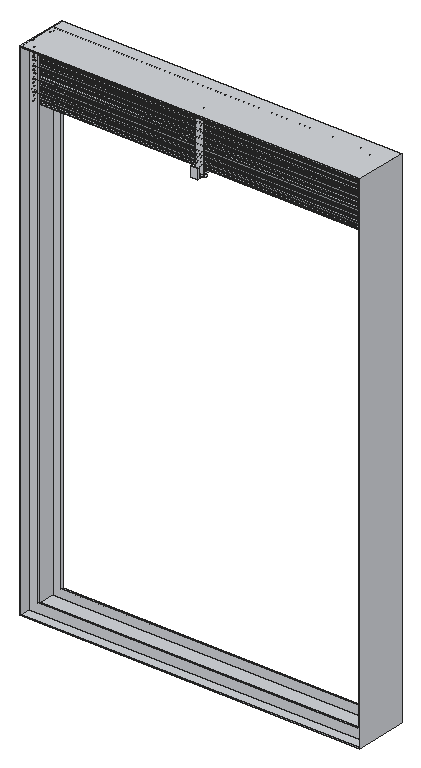
Revit family "FD-ALB", category Mechanical Equipment, Revit 2015
Parameters
  URL = "http://unitedenertech.com/catalog/pdf/A-7%20%20FD-ALB.pdf"
  Type Comments = "Max. Sizes are (1-1/2 Hour Vertical 120\"w x 120\"h) (1-1/2 Hour Horizontal 120\"w x 40\"h or 96\"w x 48\"h) (3 Hour Vertical or Horizontal 80\"w x 40\"h)"
  Model = "FD-ALB"
  Manufacturer = "United Enertech Corporation"
  Keynote = "Vertical Model Shown, Horizontal Models have Springs as shown on Model FDD-ALB."
  Exact Width = 2' - 0"
  EFL Height [instance] = Blade Pair Number * 0' 0 13/32" + 0' 0 41/64"  # 0' - 4 19/64"
  Description = "Curtain Fire Damper for use in Static Systems"
  Damper Height = 3' - 0"
  Depth = 0' - 3 11/16"
  Blade Width [instance] = Exact Width - 0' 0 1/8"  # 1' - 11 7/8"
  Blade Pair Number [instance] = (Damper Height - 0' 0 9/128") / 0' 3 7/8"  # 9
Reference planes (in)
  plane 1 "Center (Front/Back)": y = 0
  plane 2: z = 0
  plane 3 "Center (Left/Right)": x = 0
  plane 4: x = -12
  plane 5: x = 12
  plane 6: y = -1.84375
  plane 7: y = 1.84375
  plane 8: z = 36
  plane 9: x = -11.9641
  plane 10: x = 11.9641
  plane 11: z = 0.0359
  plane 12: z = 35.9641
  plane 13: y = 1.09375
  plane 14: y = -1.09375
  plane 15: y = -0.96875
  plane 16: y = 0.96875
  plane 17: z = 0.6609
  plane 18: x = -11.3391
  plane 19: x = 11.3391
  plane 20: z = 35.3391
  plane 21: x = -0.25
  plane 22: x = 0.25
  plane 23: z = 31.66723
  plane 24: z = 31.70313
Forms (in)
  Extrusion 1, solid
    sketch origin (0, 0, 0) x (1, 0, 0) y (0, 0, 1)
      loop
        line (-11.9641, 35.9641) -> (-11.9641, 0.0359) -> (11.9641, 0.0359) -> (11.9641, 35.9641) -> (-11.9641, 35.9641)
      loop
        line (-12, 36) -> (-12, 0) -> (12, 0) -> (12, 36) -> (-12, 36)
    from -1.84375 to 1.84375
  Extrusion 2, solid
    sketch origin (0, 0, 0) x (1, 0, 0) y (0, 0, 1)
      loop
        line (-11.3391, 35.3391) -> (-11.3391, 0.6609) -> (11.3391, 0.6609) -> (11.3391, 35.3391) -> (-11.3391, 35.3391)
      loop
        line (-11.9641, 35.9641) -> (-11.9641, 0.0359) -> (11.9641, 0.0359) -> (11.9641, 35.9641) -> (-11.9641, 35.9641)
    from 0.96875 to 1.09375
  Extrusion 3, solid
    sketch origin (0, 0, 0) x (1, 0, 0) y (0, 0, 1)
      loop
        line (-11.3391, 35.3391) -> (-11.3391, 0.6609) -> (11.3391, 0.6609) -> (11.3391, 35.3391) -> (-11.3391, 35.3391)
      loop
        line (-11.9641, 35.9641) -> (-11.9641, 0.0359) -> (11.9641, 0.0359) -> (11.9641, 35.9641) -> (-11.9641, 35.9641)
    from -1.09375 to -0.96875
  Extrusion 4, solid
    sketch origin (0, 0, 0) x (0, 1, 0) y (0, 0, 1)
      loop
        line (0.96875, 35.9641) -> (0.93285, 35.9641) -> (0.93285, 31.66723) -> (1.43285, 31.66723) -> (1.43285, 32.33598) -> (1.39695, 32.33598) -> (1.39695, 31.70313) -> (0.96875, 31.70313) -> (0.96875, 35.9641)
    from -0.25 to 0.25
  Extrusion 5, solid
    sketch origin (0, 0, 0) x (0, -1, 0) y (0, 0, -1)
      loop
        line (0.96875, -35.9641) -> (0.96875, -31.70313) -> (1.39695, -31.70313) -> (1.39695, -32.33598) -> (1.43285, -32.33598) -> (1.43285, -31.66723) -> (0.93285, -31.66723) -> (0.93285, -35.9641) -> (0.96875, -35.9641)
    from -0.25 to 0.25
Dimensions and locks (in)
  equal spacing: plane 4, plane 3 "Center (Left/Right)", plane 5
  "Exact Width": plane 4 to plane 5
  equal spacing: plane 7, plane 1 "Center (Front/Back)", plane 6
  "Depth": plane 7 to plane 6
  "Damper Height": plane 8 to level
  locked: plane 9 to plane 4 at 0.0359
  locked: plane 5 to plane 10 at 0.0359
  locked: plane 8 to plane 12 at 0.0359
  locked: plane 11 to level at 0.0359
  locked: plane 13 to plane 14 at 2.1875
  locked: plane 15 to plane 14 at 0.125
  locked: plane 13 to plane 16 at 0.125
  locked: plane 18 to plane 9 at 0.625
  locked: plane 10 to plane 19 at 0.625
  locked: plane 17 to plane 11 at 0.625
  locked: plane 12 to plane 20 at 0.625
  equal spacing: group 1, group 2, group 3, group 4, group 5, group 6, group 7, group 8, group 9  (x2)
  equal spacing: group 9, group 8, group 7, group 6, group 5, group 4, group 3, group 2, group 1
  locked: nested 1 to nested 2 at 0.40625
  "EFL Height": plane 12 to plane 23
  locked: plane 24 to plane 23 at 0.0359
  aligned and locked: level to plane 2
  aligned and locked: level to Extrusion 1 sketch curve
  aligned and locked: Extrusion 1 sketch curve to plane 4
  aligned and locked: Extrusion 1 sketch curve to plane 5
  aligned and locked: Extrusion 1 sketch curve to plane 8
  aligned and locked: Extrusion 1 sketch curve to plane 12
  aligned and locked: Extrusion 1 sketch curve to plane 10
  aligned and locked: plane 11 to Extrusion 1 sketch curve
  aligned and locked: plane 9 to Extrusion 1 sketch curve
  aligned and locked: plane 7 to Extrusion 1
  aligned and locked: Extrusion 1 to plane 6
  aligned and locked: plane 11 to Extrusion 2 sketch curve
  aligned and locked: plane 9 to Extrusion 2 sketch curve
  aligned and locked: Extrusion 2 sketch curve to plane 10
  aligned and locked: Extrusion 2 sketch curve to plane 12
  aligned and locked: Extrusion 2 sketch curve to plane 20
  aligned and locked: Extrusion 2 sketch curve to plane 19
  aligned and locked: plane 17 to Extrusion 2 sketch curve
  aligned and locked: Extrusion 2 sketch curve to plane 18
  aligned and locked: plane 13 to Extrusion 3
  aligned and locked: Extrusion 3 to plane 16
  aligned and locked: plane 15 to Extrusion 2
  aligned and locked: Extrusion 2 to plane 14
  aligned and locked: plane 3 "Center (Left/Right)" to nested 1
  aligned and locked: plane 12 to nested 1
  aligned and locked: plane 21 to Extrusion 5
  aligned and locked: plane 21 to Extrusion 4
  aligned and locked: plane 22 to Extrusion 5
  aligned and locked: plane 22 to Extrusion 4
  aligned and locked: Extrusion 5 sketch curve to plane 23
  aligned and locked: plane 23 to Extrusion 4 sketch curve
  aligned and locked: plane 24 to Extrusion 4 sketch curve
  aligned and locked: Extrusion 5 sketch curve to plane 24
  aligned and locked: nested 4 to plane 24
Automatic sketch dimensions
  Extrusion 3 sketch curve to plane 9 = 0' - 0"
  Extrusion 3 sketch curve to plane 17 = 0' - 0"
  plane 18 to Extrusion 3 sketch curve = 0' - 0"
  Extrusion 3 sketch curve to plane 19 = 0' - 0"
  plane 10 to Extrusion 3 sketch curve = 0' - 0"
  Extrusion 3 sketch curve to plane 11 = 0' - 0"
  Extrusion 3 sketch curve to plane 20 = 0' - 0"
  Extrusion 3 sketch curve to plane 12 = 0' - 0"
  Extrusion 4 sketch curve to plane 12 = 0' - 0"
  Extrusion 4 sketch curve to plane 16 = 0' - 0"
  Extrusion 4 sketch curve to plane 16 = 0' - 0.0359"
  plane 13 to Extrusion 4 sketch curve = 0' - 0.3032"
  Extrusion 4 sketch curve to Extrusion 4 sketch curve = 0' - 0.0359"
  plane 24 to Extrusion 4 sketch curve = 0' - 0.63285"
  Extrusion 5 sketch curve to plane 12 = 0' - 0"
  Extrusion 5 sketch curve to plane 15 = 0' - 0"
  Extrusion 5 sketch curve to plane 15 = 0' - 0.0359"
  plane 14 to Extrusion 5 sketch curve = 0' - 0.3032"
  Extrusion 5 sketch curve to Extrusion 5 sketch curve = 0' - 0.0359"
  Extrusion 5 sketch curve to plane 24 = 0' - 0.63285"
Nested families (in)
  nested 1: "FD-SALB BLADESEDITED" at (0, 1.17008, 35.12138), type "FD-SALB BLADESEDITED"
  nested 2: "FD-SALB BLADESEDITED" at (0, 1.17008, 34.71513), type "FD-SALB BLADESEDITED"
  nested 3: "FD-SALB BLADESEDITED" at (0, 1.17008, 34.30888), type "FD-SALB BLADESEDITED"
  nested 4: "EFL" at (4.62017, 3.54736, 31.70313), type "EFL"
  nested 5: "FD-SALB BLADESEDITED" at (0, 1.17008, 33.90263), type "FD-SALB BLADESEDITED"
  nested 6: "FD-SALB BLADESEDITED" at (0, 1.17008, 33.49638), type "FD-SALB BLADESEDITED"
  nested 7: "FD-SALB BLADESEDITED" at (0, 1.17008, 33.09013), type "FD-SALB BLADESEDITED"
  nested 8: "FD-SALB BLADESEDITED" at (0, 1.17008, 32.68388), type "FD-SALB BLADESEDITED"
  nested 9: "FD-SALB BLADESEDITED" at (0, 1.17008, 32.27763), type "FD-SALB BLADESEDITED"
  nested 10: "FD-SALB BLADESEDITED" at (0, 1.17008, 31.87138), type "FD-SALB BLADESEDITED"
Definition of nested family "FD-SALB BLADESEDITED"
  Parameters (values of type "FD-SALB BLADESEDITED")
    Blade Width = 1' - 11 7/8"
  Reference planes (in)
    plane 1 "Center (Front/Back)": y = 0
    plane 2: z = 0
    plane 3 "Center (Left/Right)": x = 0
    plane 4: x = -11.9375
    plane 5: x = 11.9375
  Forms (in)
    Extrusion 1, solid
      sketch origin (0, 0, 0) x (0, 1, 0) y (0, 0, 1)
        loop
          line (-0.31672, 0.53073) -> (-0.3446, 0.62657)
          arc (-0.3446, 0.62657) -> (-0.33726, 0.6415) -> (-0.32269, 0.63348) r 0.0115
          line (-0.32269, 0.63348) -> (-0.30545, 0.53536)
          arc (-0.30545, 0.53536) -> (-0.31611, 0.49773) -> (-0.35217, 0.48264) r 0.045
          line (-0.35217, 0.48264) -> (-0.39872, 0.48554)
          arc (-0.39872, 0.48554) -> (-0.42675, 0.49692) -> (-0.44125, 0.52348) r 0.045
          line (-0.44125, 0.52348) -> (-0.47071, 0.66865)
          arc (-0.47071, 0.66865) -> (-0.48965, 0.70349) -> (-0.5262, 0.7189) r 0.06
          line (-0.5262, 0.7189) -> (-1.55698, 0.78305) -> (-1.76244, 0.79584)
          arc (-1.76244, 0.79584) -> (-1.79846, 0.78683) -> (-1.82228, 0.75836) r 0.06
          line (-1.82228, 0.75836) -> (-1.88016, 0.61423)
          arc (-1.88016, 0.61423) -> (-1.90974, 0.57877) -> (-1.95445, 0.56733) r 0.075
          arc (-1.95445, 0.56733) -> (-2.03902, 0.60869) -> (-2.06957, 0.69773) r 0.123
          line (-2.06957, 0.69773) -> (-2.06418, 0.78456)
          arc (-2.06418, 0.78456) -> (-2.05371, 0.80551) -> (-2.03138, 0.81256) r 0.03
          line (-2.03138, 0.81256) -> (-1.90763, 0.80489) -> (-1.90763, 0.8362) -> (-2.01284, 0.84272) -> (-2.04641, 0.84272)
          arc (-2.04641, 0.84272) -> (-2.08042, 0.82292) -> (-2.09536, 0.7865) r 0.06125
          line (-2.09536, 0.7865) -> (-2.10077, 0.69966)
          arc (-2.10077, 0.69966) -> (-2.06244, 0.58801) -> (-1.95639, 0.53614) r 0.15425
          arc (-1.95639, 0.53614) -> (-1.89306, 0.55235) -> (-1.8512, 0.60257) r 0.10625
          line (-1.8512, 0.60257) -> (-1.7933, 0.74674)
          arc (-1.7933, 0.74674) -> (-1.78183, 0.76038) -> (-1.76452, 0.76466) r 0.02875
          line (-1.76452, 0.76466) -> (-1.55892, 0.75186) -> (-0.52813, 0.68773)
          arc (-0.52813, 0.68773) -> (-0.51045, 0.68016) -> (-0.50148, 0.66314) r 0.02875
          line (-0.50148, 0.66314) -> (-0.47199, 0.51784)
          arc (-0.47199, 0.51784) -> (-0.4474, 0.47346) -> (-0.4004, 0.45434) r 0.07625
          line (-0.4004, 0.45434) -> (-0.35398, 0.45144)
          arc (-0.35398, 0.45144) -> (-0.29278, 0.47694) -> (-0.27468, 0.54073) r 0.07625
          line (-0.27468, 0.54073) -> (-0.29191, 0.63889)
          arc (-0.29191, 0.63889) -> (-0.33988, 0.67434) -> (-0.37768, 0.6282) r 0.04327
          line (-0.37768, 0.6282) -> (-0.34677, 0.52199) -> (-0.31672, 0.53073)
      from -11.9375 to 11.9375
    Extrusion 2, solid
      sketch origin (0, 0, 0) x (0, 1, 0) y (0, 0, 1)
        loop
          arc (-0.31635, 0.67497) -> (-0.29361, 0.66856) -> (-0.28256, 0.64768) r 0.03
          line (-0.28256, 0.64768) -> (-0.2714, 0.56286)
          arc (-0.2714, 0.56286) -> (-0.29582, 0.47194) -> (-0.37737, 0.42491) r 0.123
          arc (-0.37737, 0.42491) -> (-0.42275, 0.43328) -> (-0.45469, 0.46664) r 0.075
          line (-0.45469, 0.46664) -> (-0.52225, 0.60648)
          arc (-0.52225, 0.60648) -> (-0.54755, 0.63305) -> (-0.58358, 0.63992) r 0.06
          line (-0.58358, 0.63992) -> (-0.78858, 0.61304) -> (-1.81262, 0.47877)
          arc (-1.81262, 0.47877) -> (-1.84723, 0.46173) -> (-1.86432, 0.42714) r 0.06
          line (-1.86432, 0.42714) -> (-1.88437, 0.27537)
          arc (-1.88437, 0.27537) -> (-1.89734, 0.2499) -> (-1.92301, 0.23735) r 0.045
          line (-1.92301, 0.23735) -> (-1.96868, 0.2314)
          arc (-1.96868, 0.2314) -> (-2.00696, 0.24361) -> (-2.02023, 0.28153) r 0.045
          line (-2.02023, 0.28153) -> (-2.00995, 0.379)
          arc (-2.00995, 0.379) -> (-1.99657, 0.38882) -> (-1.98728, 0.37505) r 0.0115
          line (-1.98728, 0.37505) -> (-2.00879, 0.27676) -> (-1.97772, 0.26996) -> (-1.95543, 0.37179)
          arc (-1.95543, 0.37179) -> (-1.99381, 0.41919) -> (-2.04121, 0.38081) r 0.04313
          line (-2.04121, 0.38081) -> (-2.05127, 0.28509)
          arc (-2.05127, 0.28509) -> (-2.02877, 0.22122) -> (-1.96431, 0.20045) r 0.07625
          line (-1.96431, 0.20045) -> (-1.91897, 0.20638)
          arc (-1.91897, 0.20638) -> (-1.87533, 0.22771) -> (-1.85342, 0.27106) r 0.07625
          line (-1.85342, 0.27106) -> (-1.83333, 0.42305)
          arc (-1.83333, 0.42305) -> (-1.82514, 0.43962) -> (-1.80853, 0.44779) r 0.02875
          line (-1.80853, 0.44779) -> (-0.78452, 0.58205) -> (-0.57967, 0.60892)
          arc (-0.57967, 0.60892) -> (-0.56246, 0.60559) -> (-0.55039, 0.5929) r 0.02875
          line (-0.55039, 0.5929) -> (-0.48278, 0.45303)
          arc (-0.48278, 0.45303) -> (-0.4376, 0.40578) -> (-0.37331, 0.39393) r 0.10625
          arc (-0.37331, 0.39393) -> (-0.27103, 0.4529) -> (-0.24041, 0.56695) r 0.15425
          line (-0.24041, 0.56695) -> (-0.2515, 0.65113)
          arc (-0.2515, 0.65113) -> (-0.27433, 0.69316) -> (-0.32041, 0.70596) r 0.06125
          line (-0.32041, 0.70596) -> (-0.44437, 0.68971) -> (-0.44031, 0.65872) -> (-0.31635, 0.67497)
      from -11.9375 to 11.9375
  Dimensions and locks (in)
    equal spacing: plane 4, plane 3 "Center (Left/Right)", plane 5
    "Blade Width": plane 4 to plane 5
    aligned and locked: level to plane 2
    aligned and locked: plane 4 to Extrusion 1
    aligned and locked: plane 4 to Extrusion 2
    aligned and locked: plane 5 to Extrusion 1
    aligned and locked: plane 5 to Extrusion 2
  Automatic sketch dimensions
    Extrusion 2 sketch curve to Extrusion 2 sketch curve = 0' - 0"  (x35)
    level to Extrusion 2 sketch curve = 0' - 0.28509"
    plane 1 "Center (Front/Back)" to Extrusion 2 sketch curve = 0' - 2.05127"
    level to Extrusion 2 sketch curve = 0' - 0.38081"
    Extrusion 2 sketch curve to Extrusion 2 sketch curve = 0' - 0.01006"
    level to Extrusion 2 sketch curve = 0' - 0.28153"
    Extrusion 2 sketch curve to Extrusion 2 sketch curve = 0' - 0.03105"
    level to Extrusion 2 sketch curve = 0' - 0.27676"
    Extrusion 2 sketch curve to Extrusion 2 sketch curve = 0' - 0.01143"  (x2)
    Extrusion 2 sketch curve to Extrusion 2 sketch curve = 0' - 0.04266"
    Extrusion 2 sketch curve to Extrusion 2 sketch curve = 0' - 0.00023"
    level to Extrusion 2 sketch curve = 0' - 0.26996"
    Extrusion 2 sketch curve to Extrusion 2 sketch curve = 0' - 0.03107"
    Extrusion 2 sketch curve to Extrusion 2 sketch curve = 0' - 0.00213"
    level to Extrusion 2 sketch curve = 0' - 0.2314"
    Extrusion 2 sketch curve to Extrusion 2 sketch curve = 0' - 0.00904"
    level to Extrusion 2 sketch curve = 0' - 0.20045"
    level to Extrusion 2 sketch curve = 0' - 0.37179"
    Extrusion 2 sketch curve to Extrusion 2 sketch curve = 0' - 0.0467"
    level to Extrusion 2 sketch curve = 0' - 0.27537"
    Extrusion 2 sketch curve to Extrusion 2 sketch curve = 0' - 0.04451"
    level to Extrusion 2 sketch curve = 0' - 0.27106"
    Extrusion 2 sketch curve to Extrusion 2 sketch curve = 0' - 0.03095"
    Extrusion 2 sketch curve to Extrusion 2 sketch curve = 0' - 0.0486"
    plane 1 "Center (Front/Back)" to Extrusion 2 sketch curve = 0' - 0.78452"
    Extrusion 2 sketch curve to Extrusion 2 sketch curve = 0' - 0.20094"
    Extrusion 2 sketch curve to Extrusion 2 sketch curve = 0' - 0 1/256"  (x2)
    Extrusion 2 sketch curve to Extrusion 2 sketch curve = 0' - 0.0034"
    Extrusion 2 sketch curve to Extrusion 2 sketch curve = 0' - 0.13921"
    Extrusion 2 sketch curve to Extrusion 2 sketch curve = 0' - 0.00406"  (x3)
    Extrusion 2 sketch curve to Extrusion 2 sketch curve = 0' - 0.04695"
    Extrusion 2 sketch curve to Extrusion 2 sketch curve = 0' - 0.00624"
    Extrusion 2 sketch curve to Extrusion 2 sketch curve = 0' - 0.0809"
    Extrusion 2 sketch curve to Extrusion 2 sketch curve = 0' - 0.0299"
    Extrusion 2 sketch curve to Extrusion 2 sketch curve = 0' - 0.03106"
    Extrusion 2 sketch curve to Extrusion 2 sketch curve = 0' - 0.00661"
    Extrusion 2 sketch curve to Extrusion 2 sketch curve = 0' - 0.00119"
    Extrusion 2 sketch curve to Extrusion 2 sketch curve = 0' - 0.14822"
    level to Extrusion 2 sketch curve = 0' - 0.49927"
    Extrusion 2 sketch curve to Extrusion 2 sketch curve = 0' - 0.04759"
    Extrusion 2 sketch curve to Extrusion 2 sketch curve = 0' - 0.0335"
    Extrusion 2 sketch curve to Extrusion 2 sketch curve = 0' - 0.00168"
    Extrusion 2 sketch curve to Extrusion 2 sketch curve = 0' - 0.02855"
    Extrusion 2 sketch curve to Extrusion 2 sketch curve = 0' - 0.031"
    Extrusion 2 sketch curve to Extrusion 2 sketch curve = 0' - 0.09835"
    Extrusion 2 sketch curve to Extrusion 2 sketch curve = 0' - 0.00246"
    Extrusion 2 sketch curve to Extrusion 2 sketch curve = 0' - 0.00345"
    Extrusion 2 sketch curve to Extrusion 2 sketch curve = 0' - 0.11186"
    Extrusion 2 sketch curve to Extrusion 2 sketch curve = 0' - 0.03098"  (x3)
    level to Extrusion 2 sketch curve = 0' - 0.37898"
    Extrusion 2 sketch curve to Extrusion 2 sketch curve = 0' - 0.00003"  (x4)
    Extrusion 2 sketch curve to Extrusion 2 sketch curve = 0' - 0.01101"
    level to Extrusion 2 sketch curve = 0' - 0.37505"
    Extrusion 2 sketch curve to Extrusion 2 sketch curve = 0' - 0.00585"
    level to Extrusion 2 sketch curve = 0' - 0.23735"
    Extrusion 2 sketch curve to Extrusion 2 sketch curve = 0' - 0.00404"
    level to Extrusion 2 sketch curve = 0' - 0.20636"
    level to Extrusion 2 sketch curve = 0' - 0.42714"
    Extrusion 2 sketch curve to Extrusion 2 sketch curve = 0' - 0.0595"
    level to Extrusion 2 sketch curve = 0' - 0.42305"
    Extrusion 2 sketch curve to Extrusion 2 sketch curve = 0' - 0.02852"
    Extrusion 2 sketch curve to Extrusion 2 sketch curve = 0' - 0.0207"
    level to Extrusion 2 sketch curve = 0' - 0.47878"
    Extrusion 2 sketch curve to Extrusion 2 sketch curve = 0' - 0.00374"
    level to Extrusion 2 sketch curve = 0' - 0.44779"
    Extrusion 2 sketch curve to Extrusion 2 sketch curve = 0' - 0.02588"
    Extrusion 2 sketch curve to Extrusion 2 sketch curve = 0' - 0.02814"
    Extrusion 2 sketch curve to Extrusion 2 sketch curve = 0' - 0.0957"
    Extrusion 2 sketch curve to Extrusion 2 sketch curve = 0' - 0.00004"  (x2)
    Extrusion 2 sketch curve to Extrusion 2 sketch curve = 0' - 0.02809"
    Extrusion 2 sketch curve to Extrusion 2 sketch curve = 0' - 0.00975"
    Extrusion 2 sketch curve to Extrusion 2 sketch curve = 0' - 0.00796"
    Extrusion 2 sketch curve to Extrusion 2 sketch curve = 0' - 0.01116"
    Extrusion 2 sketch curve to Extrusion 2 sketch curve = 0' - 0.00002"
    Extrusion 1 sketch curve to Extrusion 1 sketch curve = 0' - 0"  (x30)
    level to Extrusion 1 sketch curve = 0' - 0.7827"
    plane 1 "Center (Front/Back)" to Extrusion 1 sketch curve = 0' - 2.03423"
    Extrusion 1 sketch curve to Extrusion 1 sketch curve = 0' - 0.00284"
    Extrusion 1 sketch curve to Extrusion 1 sketch curve = 0' - 0.01854"
    Extrusion 1 sketch curve to Extrusion 1 sketch curve = 0' - 0.08443"
    Extrusion 1 sketch curve to Extrusion 1 sketch curve = 0' - 0.00298"
    Extrusion 1 sketch curve to Extrusion 1 sketch curve = 0' - 0.03918"
    Extrusion 1 sketch curve to Extrusion 1 sketch curve = 0' - 0.14102"
    level to Extrusion 1 sketch curve = 0' - 0.76466"
    Extrusion 1 sketch curve to Extrusion 1 sketch curve = 0' - 0.00209"
    level to Extrusion 1 sketch curve = 0' - 0.79584"
    Extrusion 1 sketch curve to Extrusion 1 sketch curve = 0' - 0.00208"  (x2)
    level to Extrusion 1 sketch curve = 0' - 0.75186"
    Extrusion 1 sketch curve to Extrusion 1 sketch curve = 0' - 0.2056"
    Extrusion 1 sketch curve to Extrusion 1 sketch curve = 0' - 0.00194"  (x2)
    plane 1 "Center (Front/Back)" to Extrusion 1 sketch curve = 0' - 0.52993"
    Extrusion 1 sketch curve to Extrusion 1 sketch curve = 0' - 0.02845"
    Extrusion 1 sketch curve to Extrusion 1 sketch curve = 0' - 0.02949"
    Extrusion 1 sketch curve to Extrusion 1 sketch curve = 0' - 0.03077"  (x2)
    Extrusion 1 sketch curve to Extrusion 1 sketch curve = 0' - 0.03074"
    Extrusion 1 sketch curve to Extrusion 1 sketch curve = 0' - 0.04085"
    Extrusion 1 sketch curve to Extrusion 1 sketch curve = 0' - 0.00168"
    Extrusion 1 sketch curve to Extrusion 1 sketch curve = 0' - 0.04445"
    Extrusion 1 sketch curve to Extrusion 1 sketch curve = 0' - 0.01912"
    Extrusion 1 sketch curve to Extrusion 1 sketch curve = 0' - 0.04641"
    Extrusion 1 sketch curve to Extrusion 1 sketch curve = 0' - 0.00182"
    Extrusion 1 sketch curve to Extrusion 1 sketch curve = 0' - 0.00238"
    Extrusion 1 sketch curve to Extrusion 1 sketch curve = 0' - 0.00302"
    Extrusion 1 sketch curve to Extrusion 1 sketch curve = 0' - 0.03307"
    Extrusion 1 sketch curve to Extrusion 1 sketch curve = 0' - 0.01008"
    Extrusion 1 sketch curve to Extrusion 1 sketch curve = 0' - 0.00072"
    Extrusion 1 sketch curve to Extrusion 1 sketch curve = 0' - 0.01112"
    Extrusion 1 sketch curve to Extrusion 1 sketch curve = 0' - 0.03006"
    Extrusion 1 sketch curve to Extrusion 1 sketch curve = 0' - 0.03078"
    Extrusion 1 sketch curve to Extrusion 1 sketch curve = 0' - 0.02867"
    Extrusion 1 sketch curve to Extrusion 1 sketch curve = 0' - 0.09261"
    level to Extrusion 1 sketch curve = 0' - 0.66865"
    Extrusion 1 sketch curve to Extrusion 1 sketch curve = 0' - 0.00551"
    Extrusion 1 sketch curve to Extrusion 1 sketch curve = 0' - 0.00412"
    Extrusion 1 sketch curve to Extrusion 1 sketch curve = 0' - 0.04791"
    Extrusion 1 sketch curve to Extrusion 1 sketch curve = 0' - 0.02976"
    Extrusion 1 sketch curve to Extrusion 1 sketch curve = 0' - 0.00541"
    Extrusion 1 sketch curve to Extrusion 1 sketch curve = 0' - 0.00087"
    Extrusion 1 sketch curve to Extrusion 1 sketch curve = 0' - 0.00852"
    Extrusion 1 sketch curve to Extrusion 1 sketch curve = 0' - 0.00559"
    Extrusion 1 sketch curve to Extrusion 1 sketch curve = 0' - 0.00702"
    Extrusion 1 sketch curve to Extrusion 1 sketch curve = 0' - 0.00564"
    Extrusion 1 sketch curve to Extrusion 1 sketch curve = 0' - 0.03935"
    Extrusion 1 sketch curve to Extrusion 1 sketch curve = 0' - 0.0312"
    Extrusion 1 sketch curve to Extrusion 1 sketch curve = 0' - 0.03119"
    Extrusion 1 sketch curve to Extrusion 1 sketch curve = 0' - 0.1148"
    Extrusion 1 sketch curve to Extrusion 1 sketch curve = 0' - 0.03131"
    Extrusion 1 sketch curve to Extrusion 1 sketch curve = 0' - 0.02994"
    level to Extrusion 1 sketch curve = 0' - 0.78456"
    Extrusion 1 sketch curve to Extrusion 1 sketch curve = 0' - 0.00539"
    level to Extrusion 1 sketch curve = 0' - 0.69772"
    Extrusion 1 sketch curve to Extrusion 1 sketch curve = 0' - 0.03117"
    Extrusion 1 sketch curve to Extrusion 1 sketch curve = 0' - 0.03118"
    level to Extrusion 1 sketch curve = 0' - 0.69966"
    Extrusion 1 sketch curve to Extrusion 1 sketch curve = 0' - 0.03357"
    Extrusion 1 sketch curve to Extrusion 1 sketch curve = 0' - 0.0066"
    Extrusion 1 sketch curve to Extrusion 1 sketch curve = 0' - 0.06959"
    level to Extrusion 1 sketch curve = 0' - 0.61423"
    Extrusion 1 sketch curve to Extrusion 1 sketch curve = 0' - 0.00004"  (x2)
    Extrusion 1 sketch curve to Extrusion 1 sketch curve = 0' - 0.02896"
    level to Extrusion 1 sketch curve = 0' - 0.60259"
    level to Extrusion 1 sketch curve = 0' - 0.75838"
    Extrusion 1 sketch curve to Extrusion 1 sketch curve = 0' - 0.05778"
    level to Extrusion 1 sketch curve = 0' - 0.74674"
    Extrusion 1 sketch curve to Extrusion 1 sketch curve = 0' - 0.02669"
    Extrusion 1 sketch curve to Extrusion 1 sketch curve = 0' - 0.00179"
    Extrusion 1 sketch curve to Extrusion 1 sketch curve = 0' - 0.00193"
    Extrusion 1 sketch curve to Extrusion 1 sketch curve = 0' - 0.01125"
    Extrusion 1 sketch curve to Extrusion 1 sketch curve = 0' - 0.00003"
    Extrusion 1 sketch curve to Extrusion 1 sketch curve = 0' - 0.05622"
    Extrusion 1 sketch curve to Extrusion 1 sketch curve = 0' - 0.03016"
Definition of nested family "EFL"
  Reference planes (in)
    plane 1 "Center (Front/Back)": y = 0
    plane 2: z = 0
    plane 3 "Center (Left/Right)": x = 0
  Forms (in)
    Extrusion 1, solid
      sketch origin (0, 0, 0) x (1, 0, 0) y (0, 1, 0)
        loop
          arc (-4.87017, -4.05324) -> (-4.81525, -4.18582) -> (-4.68267, -4.24074) r 0.1875
          line (-4.68267, -4.24074) -> (-4.55767, -4.24074)
          arc (-4.55767, -4.24074) -> (-4.42508, -4.18582) -> (-4.37017, -4.05324) r 0.1875
          line (-4.37017, -4.05324) -> (-4.37017, -3.41574) -> (-4.87017, -3.41574) -> (-4.87017, -4.05324)
        loop
          circle (-4.62017, -4.05324) r 0.0625
      from 0.1 to 0.05
    Extrusion 2, solid
      sketch origin (-9.24033, -7.08147, 0) x (-1, 0, 0) y (0, -1, 0)
        loop
          arc (-4.87017, -4.05324) -> (-4.81525, -4.18582) -> (-4.68267, -4.24074) r 0.1875
          line (-4.68267, -4.24074) -> (-4.55767, -4.24074)
          arc (-4.55767, -4.24074) -> (-4.42508, -4.18582) -> (-4.37017, -4.05324) r 0.1875
          line (-4.37017, -4.05324) -> (-4.37017, -3.41574) -> (-4.87017, -3.41574) -> (-4.87017, -4.05324)
        loop
          circle (-4.62017, -4.05324) r 0.0625
      from 0 to 0.05
    Sweep 3, solid
      path in 3D
        loop
          line (-4.62017, -4.16421, 0) -> (-4.62017, -4.22608, 0)
          arc (-4.62017, -4.22608, 0) -> (-4.65678, -4.31447, 0) -> (-4.74517, -4.35108, 0) r 0.125
          line (-4.74517, -4.35108, 0) -> (-4.92568, -4.35108, 0)
          arc (-4.92568, -4.35108, 0) -> (-5.02859, -4.454, 0) -> (-4.92568, -4.55691, 0) r 0.10291
          line (-4.92568, -4.55691, 0) -> (-4.62017, -4.55691, 0) -> (-4.31465, -4.55691, 0)
          arc (-4.31465, -4.55691, 0) -> (-4.21174, -4.454, 0) -> (-4.31465, -4.35108, 0) r 0.10291
          line (-4.31465, -4.35108, 0) -> (-4.58427, -4.35108, 0)
      profile origin (-4.62017, -4.19515, 0) x (1, 0, 0) y (0, 0, 1)
        loop
          circle (0, 0) r 0.03202
    Sweep 4, solid
      path in 3D
        loop
          line (-4.62017, -4.283, 0.1526) -> (-4.62017, -4.12297, 0.1526)
          arc (-4.62017, -4.12297, 0.1526) -> (-4.62017, -4.04635, 0.07598) -> (-4.62017, -4.12297, -0.00063) r 0.07662
          line (-4.62017, -4.12297, -0.00063) -> (-4.62017, -4.16421, -0.00063)
      profile origin (-4.62017, -4.14359, -0.00063) x (0, 0, -1) y (1, 0, 0)
        loop
          circle (0, 0) r 0.03138
    Sweep 5, solid
      path in 3D
        loop
          line (-4.62017, -2.91726, 0) -> (-4.62017, -2.85539, 0)
          arc (-4.62017, -2.85539, 0) -> (-4.65678, -2.767, 0) -> (-4.74517, -2.73039, 0) r 0.125
          line (-4.74517, -2.73039, 0) -> (-4.92568, -2.73039, 0)
          arc (-4.92568, -2.73039, 0) -> (-5.02859, -2.62747, 0) -> (-4.92568, -2.52456, 0) r 0.10291
          line (-4.92568, -2.52456, 0) -> (-4.62017, -2.52456, 0) -> (-4.31465, -2.52456, 0)
          arc (-4.31465, -2.52456, 0) -> (-4.21174, -2.62747, 0) -> (-4.31465, -2.73039, 0) r 0.10291
          line (-4.31465, -2.73039, 0) -> (-4.58427, -2.73039, 0)
      profile origin (-4.62017, -2.88633, 0) x (-1, 0, 0) y (0, 0, 1)
        loop
          circle (0, 0) r 0.03202
    Sweep 6, solid
      path in 3D
        loop
          line (-4.62017, -2.79848, 0.1526) -> (-4.62017, -2.95851, 0.1526)
          arc (-4.62017, -2.95851, 0.1526) -> (-4.62017, -3.03512, 0.07598) -> (-4.62017, -2.95851, -0.00063) r 0.07662
          line (-4.62017, -2.95851, -0.00063) -> (-4.62017, -2.91726, -0.00063)
      profile origin (-4.62017, -2.93788, -0.00063) x (0, 0, 1) y (1, 0, 0)
        loop
          circle (0, 0) r 0.03138
  Lines and regions (in)
    sketch lines
      curve 1: line (-4.62017, -4.16421, 0) -> (-4.62017, -4.22608, 0)
      curve 2: arc (-4.74517, -4.35108, 0) -> (-4.65678, -4.31447, 0) -> (-4.62017, -4.22608, 0) r 0.125
      curve 3: line (-4.74517, -4.35108, 0) -> (-4.92568, -4.35108, 0)
      curve 4: arc (-4.92568, -4.35108, 0) -> (-5.02859, -4.454, 0) -> (-4.92568, -4.55691, 0) r 0.10291
      curve 5: line (-4.62017, -4.55691, 0) -> (-4.92568, -4.55691, 0)
      curve 6: line (-4.62017, -4.55691, 0) -> (-4.31465, -4.55691, 0)
      curve 7: arc (-4.31465, -4.55691, 0) -> (-4.21174, -4.454, 0) -> (-4.31465, -4.35108, 0) r 0.10291
      curve 8: line (-4.58427, -4.35108, 0) -> (-4.31465, -4.35108, 0)
      curve 9: line (-4.62017, -4.12297, -0.00063) -> (-4.62017, -4.16421, -0.00063)
      curve 10: arc (-4.62017, -4.12297, -0.00063) -> (-4.62017, -4.04635, 0.07598) -> (-4.62017, -4.12297, 0.1526) r 0.07662
      curve 11: line (-4.62017, -4.12297, 0.1526) -> (-4.62017, -4.283, 0.1526)
      curve 12: line (-4.62017, -2.91726, 0) -> (-4.62017, -2.85539, 0)
      curve 13: arc (-4.74517, -2.73039, 0) -> (-4.65678, -2.767, 0) -> (-4.62017, -2.85539, 0) r 0.125
      curve 14: line (-4.74517, -2.73039, 0) -> (-4.92568, -2.73039, 0)
      curve 15: arc (-4.92568, -2.73039, 0) -> (-5.02859, -2.62747, 0) -> (-4.92568, -2.52456, 0) r 0.10291
      curve 16: line (-4.62017, -2.52456, 0) -> (-4.92568, -2.52456, 0)
      curve 17: line (-4.62017, -2.52456, 0) -> (-4.31465, -2.52456, 0)
      curve 18: arc (-4.31465, -2.52456, 0) -> (-4.21174, -2.62747, 0) -> (-4.31465, -2.73039, 0) r 0.10291
      curve 19: line (-4.58427, -2.73039, 0) -> (-4.31465, -2.73039, 0)
      curve 20: line (-4.62017, -2.95851, -0.00063) -> (-4.62017, -2.91726, -0.00063)
      curve 21: arc (-4.62017, -2.95851, -0.00063) -> (-4.62017, -3.03512, 0.07598) -> (-4.62017, -2.95851, 0.1526) r 0.07662
      curve 22: line (-4.62017, -2.95851, 0.1526) -> (-4.62017, -2.79848, 0.1526)
  Dimensions and locks (in)
    aligned and locked: level to plane 2
